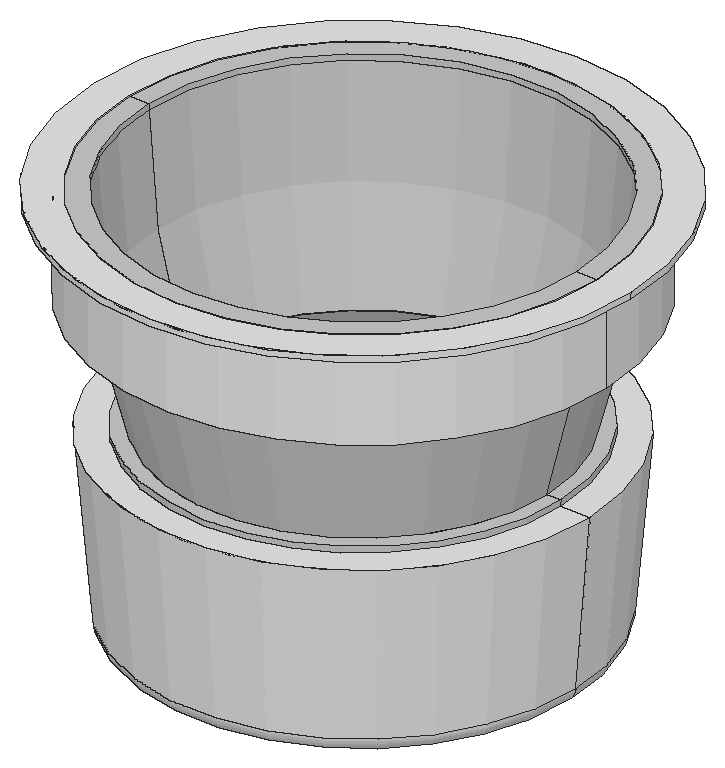
Revit family "2059349 Lighting Fixture_Sylvania_Ascent 150 II Round_Ceiling Recessed", category Lighting Fixtures, host Face, Revit 2017
Family settings
  Host = Face
  Round Connector Dimension = Use Diameter
  Part Type = Normal
  OmniClass Number = 23.80.70.11.17
  OmniClass Title = Specialized Lighting by Location or Use
  Cut with Voids When Loaded = No
  Light Source = Yes
  Shared = No
  Room Calculation Point = No
Parameters (values of type "ASCENT 150 II 1600 3K DALI")
  Upper Body Radius = Radius - 14.5 mm  # 80.0 mm
  Upper Body Material = Metal_Sylvania_Ascent 150 II_Black
  Ring Outer Diameter = Diameter - 17.0 mm  # 172.0 mm
  Ring Inner Diameter = Ring Outer Diameter - 4.0 mm  # 168.0 mm
  Reflector Material = Metal_Sylvania_Ascent 150 II_Polished
  Recessed Depth = 142.0 mm
  Radius = Diameter / 2  # 94.5 mm
  Light Emit  Diameter = Diameter - 38.0 mm  # 151.0 mm
  LOR = "100%"  # constant formula
  Inrush Current (max. quantity per 16A C breaker) = "80"  # constant formula
  Inner Reflector Radius = Inner Radius - 19.5 mm  # 63.0 mm
  Inner Radius = Inner Diameter / 2  # 82.5 mm
  Inner Diameter = Diameter - 24.0 mm  # 165.0 mm
  IP Rating = "IP44"  # constant formula
  IK Rating = "IK02"  # constant formula
  Glow Wire Test = 650 °C  # constant formula
  Energy Class = "A++,A+,A"  # constant formula
  Weight = 1.7 kg
  Wattage = 13.0081 W
  built-in parameter 1150110 = 1 (stored number, unit not read)
  Voltage Comments = "UNV (Universal Voltage; 220-240 Volt)"  # constant formula
  Voltage = 230 V  # constant formula
  URL = "https://www.sylvania-lighting.com"
  built-in parameter 1114217 = 1 (stored number, unit not read)
  Tilt Angle = -90°
  built-in parameter 1150109 = 1 (stored number, unit not read)
  built-in parameter 1150134 = (empty or 0)
  built-in parameter 1150113 = 1 (stored number, unit not read)
  Product Page URL = "https://www.sylvania-lighting.com/product/en-int/products/2059349"
  Product Family = "ASCENT 150 II ROUND"  # constant formula
  Photometry Comments = ""
  Photometric Web File = "2059349_ASCENT150II15003KDALI-206167.ies"
  Life = "50 000 h"  # constant formula
  Emit from Circle Diameter = Light Emit  Diameter  # 151.0 mm
  Emit Shape Visible in Rendering = no
  Emergency duration (h) = "N/A"
  Electrical Protection = "Class II"  # constant formula
  Drive Current = "500mA"  # constant formula
  Distribution type = "Direct"  # constant formula
  Diffuser Material = Glass_Sylvania_Ascent 150 II_Clear_3000K
  Diameter = 189.0 mm
  Cutout Diameter = Diameter - 13.0 mm  # 176.0 mm
  Colour consistency (SDCM) = "3 step"  # constant formula
  built-in parameter 1114216 [instance] = 1 (stored number, unit not read)
  Model = "ASCENT 150 II 1600 3K DALI"
  Manufacturer = "Feilo Sylvania"
  built-in parameter 1150105 = 977.95 (stored number, unit not read)
  Lumens = 1600 lm
  built-in parameter 1150115 = 1 (stored number, unit not read)
  built-in parameter 1150137 = (empty or 0)
  built-in parameter 1150139 = (empty or 0)
  built-in parameter 1150112 = 1 (stored number, unit not read)
  built-in parameter 1150114 = 1 (stored number, unit not read)
  Lamp Comments = "Integrated LED"  # constant formula
  Lamp = "LED"  # constant formula
  built-in parameter 1150132 = 2
  built-in parameter 1150102 = (empty or 0)
  built-in parameter 1150107 = 3000 (stored number, unit not read)
  built-in parameter 1150138 = (empty or 0)
  built-in parameter 1150106 = 9.7795 (stored number, unit not read)
  built-in parameter 1150104 = 11.427 (stored number, unit not read)
  Dimming Lamp Color Temperature Shift = <None>
  Description = "A very high efficient round downlight up to 127lm/W Long life >50,000hrs 4,000K and 3,000K CCT and CRI Ra85 IP44 rated for wet areas and bathrooms UGR <19 version for offices to comply with EN12464-1 Wide selection of decorative accessories"  # constant formula
  Default Elevation = 0.0 mm
  Color Filter = 16777215
  Catalog Number = "2059349 ASCENT 150 II 1600 3K DALI"
  built-in parameter 1140040 [instance] = 1
  CRI (Ra) = ">80"  # constant formula
  built-in parameter 1114218 = 1 (stored number, unit not read)
  built-in parameter 1150133 = 10 (stored number, unit not read)
  Assembly Code = "D5020200"
  Apparent Load Comments = ""
  Apparent Load = 14 VA
  Accessory Material = Aluminum_Sylvania_Ascent 150 II_White
Reference planes
  plane 1 "Center (Front/Back)": y = 0
  plane 2: z = 0
  plane 3 "Center (Left/Right)": x = 0
  plane 4: z = 2
  plane 5: z = -74
  plane 6 "Fixture Top": z = -140
  plane 7: z = -31
  plane 8: z = -72
  plane 9: z = -62.037
Forms (mm)
  Extrusion 1, solid, material "Aluminum_Sylvania_Ascent 150 II_White" <- "Accessory Material", detail levels fine
    sketch origin (0, 0, 0) x (1, 0, 0) y (0, 1, 0)
      loop
        circle (0, 0) r 94.5
      loop
        circle (0, 0) r 82.5
    from 0 to 2
  Extrusion 2, void
    sketch origin (0, 0, 0) x (1, 0, 0) y (0, 1, 0)
      loop
        circle (0, 0) r 88
    from -140 to 2
  Revolve 3, solid, material "Metal_Sylvania_Ascent 150 II_Polished" <- "Reflector Material", detail levels fine
    sketch origin (0, 0, 0) x (1, 0, 0) y (0, 0, 1)
      loop
        line (-82.5, 0) -> (-77.5, 0)
        arc (-77.5, 0) -> (-74.352, -36.539) -> (-65, -72) r 213.61
        line (-65, -72) -> (-70, -72) -> (-70, -74) -> (0, -74) -> (0, -72) -> (-63, -72)
        arc (-63, -72) -> (-72.352, -36.539) -> (-75.5, 0) r 213.61
        line (-75.5, 0) -> (-75.5, 2) -> (-82.5, 2) -> (-82.5, 0)
      axis (0, 2) -> (0, -74)
    angle from 0 to 360
  Extrusion 4, solid, material "Aluminum_Sylvania_Ascent 150 II_White" <- "Accessory Material", detail levels fine
    sketch origin (0, 0, 0) x (1, 0, 0) y (0, 1, 0)
      loop
        circle (0, 0) r 86
      loop
        circle (0, 0) r 84
    from -31 to 0
  Revolve 5, solid, material "Glass_Sylvania_Ascent 150 II_Clear_3000K" <- "Diffuser Material", detail levels fine
    sketch origin (0, 0, 0) x (1, 0, 0) y (0, 0, 1)
      loop
        line (-63, -72) -> (0, -72) -> (0, -62.037)
        arc (0, -62.037) -> (-31.891, -64.543) -> (-63, -72) r 204.163
      axis (0, -62.037) -> (0, -72)
    angle from 0 to 360
  Revolve 6, solid, material "Metal_Sylvania_Ascent 150 II_Black" <- "Upper Body Material", detail levels fine
    sketch origin (0, 0, 0) x (1, 0, 0) y (0, 0, 1)
      loop
        line (0, -74) -> (-80, -74) -> (-75.107, -129.929)
        arc (-75.107, -129.929) -> (-73.452, -133.536) -> (-69.924, -135.353) r 6.079
        arc (-69.924, -135.353) -> (-35.039, -138.837) -> (0, -140) r 528.435
        line (0, -140) -> (0, -74)
      axis (0, -74) -> (0, -140)
    angle from 0 to 360
  Revolve 7, solid, material "Aluminum_Sylvania_Ascent 150 II_White" <- "Accessory Material", detail levels coarse+medium
    sketch origin (0, 0, 0) x (1, 0, 0) y (0, 0, 1)
      loop
        arc (-69.924, -135.353) -> (-35.039, -138.837) -> (0, -140) r 528.435
        line (0, -140) -> (0, 2) -> (-94.5, 2) -> (-94.5, 0) -> (-86, 0) -> (-86, -31)
        arc (-86, -31) -> (-84.493, -52.708) -> (-80, -74) r 157.083
        line (-80, -74) -> (-75.107, -129.929)
        arc (-75.107, -129.929) -> (-73.452, -133.536) -> (-69.924, -135.353) r 6.079
      axis (0, 2) -> (0, -140)
    angle from 0 to 360
Cuts and joins
  joined: Extrusion 1, Extrusion 4
Lines and regions (mm)
  Masking region 1
    outline origin (0, 0, 0) x (1, 0, 0) y (0, 1, 0)
      loop
        circle (0, 0) r 94.5
  symbolic lines, detail levels fine
    curve 1: arc (-75.5, 0, 0) -> (0, 75.5, 0) -> (75.5, 0, 0) r 75.5
    curve 2: arc (75.5, 0, 0) -> (0, -75.5, 0) -> (-75.5, 0, 0) r 75.5
Dimensions and locks
  plane 4 to plane 2 to plane 7 to plane 9 to plane 8 to plane 5 = 2.0 mm locked, 31.0 mm locked, 31.037 mm locked, 9.963 mm locked, 2.0 mm locked
  "Inner Radius": plane 3 "Center (Left/Right)" to Revolve 3 sketch curve
  locked: Revolve 3 sketch curve to Revolve 3 sketch curve at 7
  Revolve 3 sketch curve to Revolve 3 sketch curve to Revolve 3 sketch curve to Revolve 3 sketch curve = 2.0 mm locked, 5.0 mm locked, 12.5 mm locked
  "Inner Reflector Radius": Revolve 5 sketch curve to imposter light
  Revolve 6 sketch curve to Revolve 6 sketch curve to plane 6 "Fixture Top" = 5.424 mm locked, 4.647 mm locked
  "Recessed Depth": plane 4 to plane 6 "Fixture Top"
  "Upper Body Radius": plane 3 "Center (Left/Right)" to Revolve 6 sketch curve
  Revolve 6 sketch curve to Revolve 6 sketch curve to Revolve 6 sketch curve = 4.893 mm locked, 5.183 mm locked
  Revolve 7 sketch curve to Revolve 7 sketch curve to plane 6 "Fixture Top" = 5.424 mm locked, 4.647 mm locked
  Revolve 7 sketch curve to Revolve 7 sketch curve to Revolve 7 sketch curve to Revolve 7 sketch curve to Revolve 7 sketch curve = 8.5 mm locked, 6.0 mm locked, 4.893 mm locked, 5.183 mm locked
  "Radius": plane 3 "Center (Left/Right)" to Revolve 7 sketch curve
  "Diameter": diameter of Extrusion 1 sketch curve
  "Inner Diameter": diameter of Extrusion 1 sketch curve
  "Cutout Diameter": diameter of Extrusion 2 sketch curve
  "Ring Outer Diameter": diameter of Extrusion 4 sketch curve
  "Ring Inner Diameter": diameter of Extrusion 4 sketch curve
  aligned and locked: plane 2 to host face
  aligned and locked: level to host face
  aligned and locked: imposter light to plane 3 "Center (Left/Right)"
  aligned and locked: imposter light to plane 1 "Center (Front/Back)"
  aligned and locked: Extrusion 1 to plane 2
  aligned and locked: plane 4 to Extrusion 1
  aligned and locked: imposter light to plane 4
  aligned and locked: imposter light to Revolve 3 sketch curve
  aligned and locked: Revolve 3 sketch curve to imposter light
  aligned and locked: Revolve 3 sketch curve to plane 2
  aligned and locked: Revolve 3 sketch curve to Revolve 3 sketch curve
  aligned and locked: plane 5 to Revolve 3 sketch curve
  aligned and locked: Extrusion 4 to plane 7
  aligned and locked: Revolve 3 sketch curve to plane 8
  aligned and locked: Revolve 5 sketch curve to plane 8
  aligned and locked: imposter light to Revolve 5 sketch curve  (x2)
  aligned and locked: imposter light to Revolve 6 sketch curve  (x2)
  aligned and locked: plane 5 to Revolve 6 sketch curve
  aligned and locked: plane 6 "Fixture Top" to Revolve 6 sketch curve
  aligned and locked: Revolve 7 sketch curve to plane 2
  aligned and locked: plane 4 to Revolve 7 sketch curve
  aligned and locked: plane 7 to Revolve 7 sketch curve
  aligned and locked: imposter light to Extrusion 2
  aligned and locked: Extrusion 2 to plane 6 "Fixture Top"
  aligned and locked: Masking region 1 sketch curve to Revolve 7  (x2)
  aligned and locked: curve 1 to Revolve 3
  aligned and locked: curve 2 to Revolve 3
Automatic sketch dimensions
  host sketch curve to host sketch curve = 1040.406 mm
  host sketch curve to host sketch curve = 988.385 mm
  Extrusion 1 sketch curve to Extrusion 1 sketch curve = 0.0 mm  (x2)
  plane 1 "Center (Front/Back)" to Extrusion 1 sketch curve = 0.0 mm
  Extrusion 1 sketch curve to plane 3 "Center (Left/Right)" = 0.0 mm
  plane 1 "Center (Front/Back)" to Extrusion 2 sketch curve = 0.0 mm
  Extrusion 2 sketch curve to plane 3 "Center (Left/Right)" = 0.0 mm
  Revolve 3 sketch curve to plane 3 "Center (Left/Right)" = 0.0 mm
  Revolve 3 sketch curve to level = 0.0 mm
  Revolve 3 sketch curve to Revolve 3 sketch curve = 2.0 mm
  Revolve 3 sketch curve to plane 5 = 27.065 mm
  plane 4 to Revolve 3 sketch curve = 16.525 mm
  Extrusion 4 sketch curve to Extrusion 4 sketch curve = 0.0 mm  (x2)
  plane 1 "Center (Front/Back)" to Extrusion 4 sketch curve = 0.0 mm
  Extrusion 4 sketch curve to plane 3 "Center (Left/Right)" = 0.0 mm
  Revolve 5 sketch curve to plane 9 = 0.0 mm
  Revolve 5 sketch curve to plane 5 = 17.158 mm
  Revolve 5 sketch curve to plane 7 = 15.158 mm
  Revolve 6 sketch curve to plane 7 = 0.0 mm
  Revolve 6 sketch curve to Revolve 6 sketch curve = 6.05 mm
  Revolve 6 sketch curve to plane 6 "Fixture Top" = 26.0 mm
  Revolve 7 sketch curve to plane 3 "Center (Left/Right)" = 0.0 mm  (x2)
  Revolve 7 sketch curve to plane 6 "Fixture Top" = 0.0 mm
  Revolve 7 sketch curve to plane 5 = 0.0 mm
  Revolve 7 sketch curve to plane 7 = 0.0 mm
  Revolve 7 sketch curve to Revolve 7 sketch curve = 0.866 mm
  Revolve 7 sketch curve to Revolve 7 sketch curve = 26.0 mm
Connectors
  electrical at (0, 0, -140), driven by "Apparent Load", driven by "Voltage"
    settings: index 1, voltage 230 V, apparent load 0 VA, apparent load phase1 14 VA, apparent load phase2 0 VA, apparent load phase3 0 VA, power factor 1, load classification "Lighting", number of poles 1, system type 31, power factor state 1, is connector primary yes, connector utility no, sub classification motor no, connector description ""
